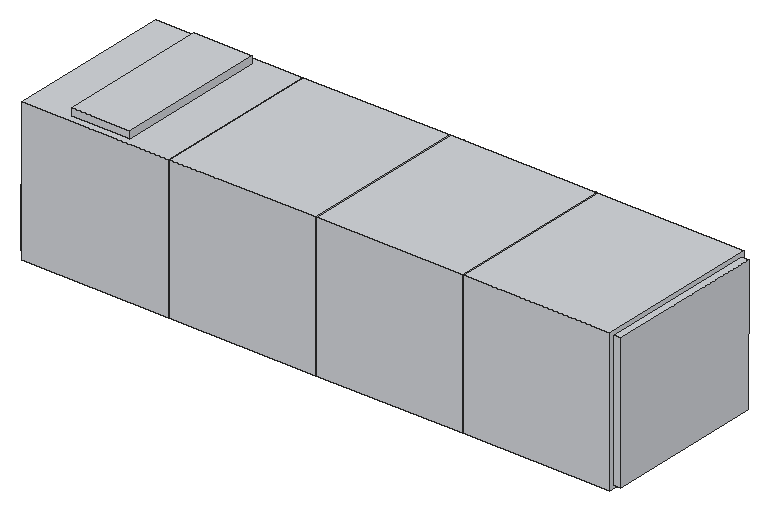
Revit family "fe506dafba944d9f823406a8efbbbddd", category Mechanical Equipment, Revit 2021
Family settings
  Round Connector Dimension = Use Radius
  Part Type = Normal
  OmniClass Number = 23.75.35.14.14
  OmniClass Title = Customized Rooftop Air Handling Units
  Seek Item ID = Outdoor AHU - Horizontal-0000-USA-ENU
  Work Plane-Based = No
  Always vertical = Yes
  Cut with Voids When Loaded = No
  Shared = No
  Room Calculation Point = No
Parameters (values of type "6 Square Feet of Coil")
  Voltage = 208 V
  Load Classification = Cooling
  Hot Water Pressure Drop [instance] = 1.805 psi
  External Total Pressure [instance] = 2.89 in-wg
  Supply Air Outlet Width = 44"
  Supply Air Outlet Height = 37"
  Supply Air Outlet Flow [instance] = 3000 CFM
  Supply Air Inlet Width = 42"
  Supply Air Inlet Height = 16"
  Supply Air Inlet Flow [instance] = 2000 CFM
  Return Air Inlet Width = 42"
  Return Air Inlet Height = 16"
  Return Air Inlet Flow [instance] = 1000 CFM
  Number of Poles = 3
  Hot Water Flow [instance] = 25 GPM
  Heating Coil Outlet Radius = 3/4"
  Heating Coil Inlet Radius = 3/4"
  Drain Radius = 5/8"
  Default Elevation = 0' - 0"
  Cooling Coil Outlet Radius = 3/4"
  Cooling Coil Inlet Radius = 3/4"
  Chilled Water Pressure Drop [instance] = 2.887 psi
  Chilled Water Flow [instance] = 43 GPM
  Apparent Load = 4701 VA
  Airway Length = 13' - 6"
  AHU Width = 3' - 10"
  AHU Material = none
  AHU Height = 3' - 3"
Types (14): name | Hot Water Pressure Drop | Supply Air Outlet Width | Supply Air Outlet Height | Supply Air Outlet Flow | Supply Air Inlet Width | Supply Air Inlet Height | Supply Air Inlet Flow | Return Air Inlet Width | Return Air Inlet Height | Return Air Inlet Flow | Hot Water Flow | Heating Coil Outlet Radius | Heating Coil Inlet Radius | Cooling Coil Outlet Radius | Cooling Coil Inlet Radius | Chilled Water Pressure Drop | Chilled Water Flow | Apparent Load | Airway Length | AHU Width | AHU Height
  (no name) | 1.805 psi | 44" | 37" | 3000 CFM | 42" | 16" | 2000 CFM | 42" | 16" | 1000 CFM | 25 GPM | 3/4" | 3/4" | 3/4" | 3/4" | 2.887 psi | 43 GPM | 4701 VA | 13' - 6" | 3' - 10" | 3' - 3"
  6 Square Feet of Coil | 1.805 psi | 44" | 37" | 3000 CFM | 42" | 16" | 2000 CFM | 42" | 16" | 1000 CFM | 25 GPM | 3/4" | 3/4" | 3/4" | 3/4" | 2.887 psi | 43 GPM | 4701 VA | 13' - 6" | 3' - 10" | 3' - 3"
  8 Square Feet of Coil | 2.526 psi | 54" | 40" | 4000 CFM | 50" | 16" | 3000 CFM | 50" | 16" | 1000 CFM | 33 GPM | 3/4" | 3/4" | 3/4" | 3/4" | 3.609 psi | 62 GPM | 6288 VA | 12' - 10" | 4' - 6" | 3' - 6"
  10 Square Feet of Coil | 3.609 psi | 65" | 40" | 5000 CFM | 63" | 16" | 4000 CFM | 63" | 16" | 1000 CFM | 40 GPM | 3/4" | 3/4" | 3/4" | 3/4" | 5.414 psi | 78 GPM | 9401 VA | 12' - 10" | 5' - 7" | 3' - 6"
  12 Square Feet of Coil | 3.97 psi | 65" | 47" | 6000 CFM | 63" | 16" | 4000 CFM | 63" | 16" | 2000 CFM | 44 GPM | 3/4" | 3/4" | 3/4" | 3/4" | 6.136 psi | 92 GPM | 9401 VA | 13' - 4" | 5' - 7" | 4' - 1"
  14 Square Feet of Coil | 5.053 psi | 70" | 47" | 7000 CFM | 68" | 19" | 5000 CFM | 68" | 19" | 2000 CFM | 56 GPM | 3/4" | 3/4" | 3/4" | 3/4" | 6.136 psi | 114 GPM | 12535 VA | 13' - 4" | 6' - 0" | 4' - 1"
  17 Square Feet of Coil | 3.609 psi | 77" | 50" | 8500 CFM | 75" | 19" | 6500 CFM | 75" | 19" | 2000 CFM | 65 GPM | 3/4" | 3/4" | 3/4" | 3/4" | 7.94 psi | 132 GPM | 12535 VA | 13' - 4" | 6' - 7" | 4' - 4"
  21 Square Feet of Coil | 5.414 psi | 77" | 60" | 10500 CFM | 75" | 22" | 7000 CFM | 75" | 22" | 3500 CFM | 81 GPM | 1 1/4" | 1 1/4" | 1 1/4" | 1 1/4" | 8.662 psi | 163 GPM | 15669 VA | 13' - 10" | 6' - 7" | 5' - 2"
  25 Square Feet of Coil | 6.857 psi | 84" | 60" | 12500 CFM | 82" | 22" | 8500 CFM | 82" | 22" | 4000 CFM | 90 GPM | 1 1/4" | 1 1/4" | 1 1/4" | 1 1/4" | 10.827 psi | 187 GPM | 18803 VA | 13' - 10" | 7' - 2" | 5' - 2"
  30 Square Feet of Coil | 8.301 psi | 102" | 60" | 15000 CFM | 100" | 22" | 10000 CFM | 100" | 22" | 5000 CFM | 98 GPM | 1 1/4" | 1 1/4" | 1 1/4" | 1 1/4" | 5.414 psi | 195 GPM | 25071 VA | 13' - 10" | 8' - 8" | 5' - 2"
  36 Square Feet of Coil | 9.745 psi | 107" | 71" | 18000 CFM | 105" | 31" | 12000 CFM | 105" | 31" | 6000 CFM | 108 GPM | 1 1/4" | 1 1/4" | 1 1/4" | 1 1/4" | 5.414 psi | 216 GPM | 31338 VA | 15' - 3" | 9' - 1" | 6' - 1"
  40 Square Feet of Coil | 10.106 psi | 107" | 77" | 20000 CFM | 105" | 34" | 14000 CFM | 105" | 34" | 6000 CFM | 119 GPM | 1 1/4" | 1 1/4" | 1 1/4" | 1 1/4" | 6.496 psi | 252 GPM | 31338 VA | 16' - 0" | 9' - 1" | 6' - 7"
  50 Square Feet of Coil | 10.466 psi | 115" | 87" | 25000 CFM | 113" | 37" | 16000 CFM | 113" | 37" | 9000 CFM | 143 GPM | 1 1/4" | 1 1/4" | 1 1/4" | 1 1/4" | 8.301 psi | 303 GPM | 37606 VA | 16' - 3" | 9' - 9" | 7' - 5"
  61 Square Feet of Coil | 10.827 psi | 115" | 102" | 30500 CFM | 113" | 46" | 20000 CFM | 113" | 46" | 10500 CFM | 179 GPM | 1 1/4" | 1 1/4" | 1 1/4" | 1 1/4" | 8.301 psi | 285 GPM | 47007 VA | 17' - 6" | 9' - 9" | 8' - 8"
Reference planes (in)
  plane 1 "Center (Front/Back)": y = 0
  plane 2: z = 0
  plane 3 "Center (Left/Right)": x = 0
  plane 4: y = 23
  plane 5: y = -23
  plane 6: x = 162
  plane 7: x = 40.5
  plane 8: x = 81
  plane 9: x = 121.5
  plane 10: z = 39
  plane 11: x = 20.25
  plane 12: x = 12.25
  plane 13: x = 28.25
  plane 14: y = 21
  plane 15: y = -21
  plane 16: z = 41
  plane 17: z = 1
  plane 18: z = 17
  plane 19: x = -2
  plane 20: z = 38
  plane 21: y = 22
  plane 22: y = -22
  plane 23: x = 164
  plane 24: z = 37
  plane 25: z = 10
  plane 26: x = 119.5
  plane 27: x = 83
  plane 28: x = 160
  plane 29: y = 25
  plane 30: z = 2
Forms (in)
  Extrusion 1, solid, material <- "AHU Material"
    sketch origin (0, 0, 0) x (1, 0, 0) y (0, 1, 0)
      loop
        line (0, 23) -> (0, -23) -> (40.5, -23) -> (40.5, 23) -> (0, 23)
    from 0 to 39
  Extrusion 2, solid, material <- "AHU Material"
    sketch origin (0, 0, 0) x (1, 0, 0) y (0, 1, 0)
      loop
        line (40.5, 23) -> (40.5, -23) -> (81, -23) -> (81, 23) -> (40.5, 23)
    from 0 to 39
  Extrusion 3, solid, material <- "AHU Material"
    sketch origin (0, 0, 0) x (1, 0, 0) y (0, 1, 0)
      loop
        line (81, 23) -> (81, -23) -> (121.5, -23) -> (121.5, 23) -> (81, 23)
    from 0 to 39
  Extrusion 4, solid, material <- "AHU Material"
    sketch origin (0, 0, 0) x (1, 0, 0) y (0, 1, 0)
      loop
        line (121.5, 23) -> (121.5, -23) -> (162, -23) -> (162, 23) -> (121.5, 23)
    from 0 to 39
  Extrusion 5, solid, material <- "AHU Material"
    sketch origin (0, 0, 0) x (1, 0, 0) y (0, 1, 0)
      loop
        line (12.25, 21) -> (12.25, -21) -> (28.25, -21) -> (28.25, 21) -> (12.25, 21)
    from 39 to 41
  Extrusion 6, solid, material <- "AHU Material"
    sketch origin (0, 0, 0) x (0, 1, 0) y (0, 0, 1)
      loop
        line (21, 17) -> (-21, 17) -> (-21, 1) -> (21, 1) -> (21, 17)
    from -2 to 0
  Extrusion 7, solid, material <- "AHU Material"
    sketch origin (0, 0, 0) x (0, 1, 0) y (0, 0, 1)
      loop
        line (22, 38) -> (-22, 38) -> (-22, 1) -> (22, 1) -> (22, 38)
    from 162 to 164
  Extrusion 8, solid, material <- "AHU Material"
    sketch origin (0, 0, 0) x (1, 0, 0) y (0, 0, 1)
      loop
        circle (160, 10) r 0.25
      loop
        circle (119.5, 10) r 0.75
      loop
        circle (83, 10) r 0.75
      loop
        circle (83, 37) r 0.75
      loop
        circle (119.5, 37) r 0.75
    from -23 to -25
  Extrusion 9, solid
    sketch origin (0, 0, 0) x (1, 0, 0) y (0, 0, 1)
      loop
        circle (119.5, 2) r 0.625
    from -25 to -23
Dimensions and locks (in)
  equal spacing: plane 4, plane 1 "Center (Front/Back)", plane 5
  "AHU Width": plane 4 to plane 5
  "Airway Length": plane 3 "Center (Left/Right)" to plane 6
  equal spacing: plane 3 "Center (Left/Right)", plane 7, plane 8, plane 9, plane 6
  "AHU Height": plane 10 to plane 2
  equal spacing: plane 3 "Center (Left/Right)", plane 11, plane 7
  "Supply Air Inlet Height": plane 12 to plane 13
  equal spacing: plane 12, plane 11, plane 13
  equal spacing: plane 14, plane 1 "Center (Front/Back)", plane 15
  "Return Air Inlet Width": plane 14 to plane 15
  locked: plane 16 to plane 10 at 2
  locked: plane 17 to plane 2 at 1
  "Supply Air Inlet Height": plane 18 to plane 17
  locked: plane 19 to plane 3 "Center (Left/Right)" at 2
  "Supply Air Outlet Height": plane 20 to plane 17
  equal spacing: plane 21, plane 1 "Center (Front/Back)", plane 22
  "Supply Air Outlet Width": plane 21 to plane 22
  locked: plane 6 to plane 23 at 2
  locked: plane 24 to plane 10 at 2
  locked: plane 2 to plane 25 at 10
  locked: plane 8 to plane 27 at 2
  locked: plane 26 to plane 9 at 2
  locked: plane 28 to plane 6 at 2
  locked: plane 29 to plane 4 at 2
  locked: plane 2 to plane 30 at 2
  radius of Extrusion 8 sketch curve = 0' - 0 1/4"
  "Cooling Coil Inlet Radius": radius of Extrusion 8 sketch curve
  "Cooling Coil Outlet Radius": radius of Extrusion 8 sketch curve
  "Heating Coil Outlet Radius": radius of Extrusion 8 sketch curve
  "Heating Coil Inlet Radius": radius of Extrusion 8 sketch curve
  "Drain Radius": radius of Extrusion 9 sketch curve
  aligned and locked: plane 3 "Center (Left/Right)" to Extrusion 1 sketch curve
  aligned and locked: Extrusion 1 sketch curve to plane 4
  aligned and locked: plane 5 to Extrusion 1 sketch curve
  aligned and locked: Extrusion 1 sketch curve to plane 7
  aligned and locked: plane 4 to Extrusion 2
  aligned and locked: plane 8 to Extrusion 2
  aligned and locked: Extrusion 2 to plane 5
  aligned and locked: Extrusion 2 to plane 7
  aligned and locked: Extrusion 3 sketch curve to plane 4
  aligned and locked: plane 8 to Extrusion 3 sketch curve
  aligned and locked: plane 5 to Extrusion 3 sketch curve
  aligned and locked: Extrusion 3 sketch curve to plane 9
  aligned and locked: Extrusion 4 sketch curve to plane 4
  aligned and locked: plane 9 to Extrusion 4 sketch curve
  aligned and locked: plane 5 to Extrusion 4 sketch curve
  aligned and locked: Extrusion 4 sketch curve to plane 6
  aligned and locked: Extrusion 4 to plane 2
  aligned and locked: Extrusion 3 to plane 2
  aligned and locked: Extrusion 2 to plane 2
  aligned and locked: Extrusion 1 to plane 2
  aligned and locked: plane 10 to Extrusion 4
  aligned and locked: plane 10 to Extrusion 3
  aligned and locked: plane 10 to Extrusion 2
  aligned and locked: plane 10 to Extrusion 1
  aligned and locked: plane 12 to Extrusion 5 sketch curve
  aligned and locked: Extrusion 5 sketch curve to plane 14
  aligned and locked: plane 15 to Extrusion 5 sketch curve
  aligned and locked: Extrusion 5 sketch curve to plane 13
  aligned and locked: plane 16 to Extrusion 5
  aligned and locked: Extrusion 5 to plane 10
  aligned and locked: plane 14 to Extrusion 6 sketch curve
  aligned and locked: plane 18 to Extrusion 6 sketch curve
  aligned and locked: plane 17 to Extrusion 6 sketch curve
  aligned and locked: Extrusion 6 sketch curve to plane 15
  aligned and locked: plane 3 "Center (Left/Right)" to Extrusion 6
  aligned and locked: Extrusion 6 to plane 19
  aligned and locked: plane 21 to Extrusion 7 sketch curve
  aligned and locked: Extrusion 7 sketch curve to plane 22
  aligned and locked: Extrusion 7 sketch curve to plane 20
  aligned and locked: plane 17 to Extrusion 7 sketch curve
  aligned and locked: Extrusion 7 to plane 6
  aligned and locked: plane 23 to Extrusion 7
  aligned and locked: plane 24 to Extrusion 8 sketch curve  (x2)
  aligned and locked: plane 26 to Extrusion 8 sketch curve  (x2)
  aligned and locked: plane 25 to Extrusion 8 sketch curve  (x3)
  aligned and locked: plane 27 to Extrusion 8 sketch curve  (x2)
  aligned and locked: plane 28 to Extrusion 8 sketch curve
  aligned and locked: plane 4 to Extrusion 8
  aligned and locked: plane 29 to Extrusion 8
  aligned and locked: plane 30 to Extrusion 9 sketch curve
  aligned and locked: plane 26 to Extrusion 9 sketch curve
  aligned and locked: Extrusion 8 to Extrusion 9
  aligned and locked: Extrusion 9 to plane 4
Automatic sketch dimensions
  plane 7 to Extrusion 2 sketch curve = 0' - 0"
  Extrusion 2 sketch curve to plane 8 = 0' - 0"
  plane 5 to Extrusion 2 sketch curve = 0' - 0"
  Extrusion 2 sketch curve to plane 4 = 0' - 0"
Connectors (in)
  hvac at (-2, 0, 9), driven by "Supply Air Inlet Flow", driven by "Supply Air Inlet Height", driven by "Supply Air Inlet Width"
    settings: on Extrusion 6, index 1, duct flow 2000 CFM, flow factor 0, pres drop 0.00 in-wg, loss coef 0, conn angle 0.00°, conn width 42", conn height 16", conn diameter 24", duct sys type 1, conn prof type 1, flow config 1, flow direction 1, loss method 0, conn ref index -1, conn util no, is conn primary yes, conn desc ""
  hvac at (20.25, 0, 41), driven by "Return Air Inlet Flow", driven by "Return Air Inlet Width", driven by "Return Air Inlet Height"
    settings: on Extrusion 5, index 2, duct flow 1000 CFM, flow factor 0, pres drop 0.00 in-wg, loss coef 0, conn angle 0.00°, conn width 16", conn height 42", conn diameter 24", duct sys type 2, conn prof type 1, flow config 0, flow direction 1, loss method 0, conn ref index -1, conn util no, is conn primary no, conn desc ""
  hvac at (164, 0, 19.5), driven by "Supply Air Outlet Flow", driven by "Supply Air Outlet Height", driven by "Supply Air Outlet Width"
    settings: on Extrusion 7, index 3, duct flow 3000 CFM, flow factor 0, pres drop 0.00 in-wg, loss coef 0, conn angle 0.00°, conn width 44", conn height 37", conn diameter 24", duct sys type 1, conn prof type 1, flow config 0, flow direction 2, loss method 0, conn ref index -1, conn util no, is conn primary no, conn desc ""
  piping at (119.5, 25, 37), diameter 1.5, driven by "Chilled Water Flow", driven by "Cooling Coil Outlet Radius", driven by "Chilled Water Pressure Drop"
    settings: on Extrusion 8, index 4, connector inside diameter 1 1/2", connector length 0' - 0", flow factor 0, pipe flow 43 GPM, pressure drop 2.887 psi, fitting loss kfactor 0, connector angle 0.00°, fixture units 0, engagement length 0' - 0", angle of deflection 0.00°, flow configuration 1, flow direction 2, fitting loss method 4, system type 8, joint type 0, gender type 0, connector reference index 6, connector utility 0, adjustable connector no, is connector primary yes, connector description "Chilled Water/ Refrigeration Outlet"
  piping at (83, 25, 37), diameter 1.5, driven by "Hot Water Flow", driven by "Heating Coil Outlet Radius", driven by "Hot Water Pressure Drop"
    settings: on Extrusion 8, index 5, connector inside diameter 1 1/2", connector length 0' - 0", flow factor 0, pipe flow 25 GPM, pressure drop 1.805 psi, fitting loss kfactor 0, connector angle 0.00°, fixture units 0, engagement length 0' - 0", angle of deflection 0.00°, flow configuration 1, flow direction 2, fitting loss method 4, system type 8, joint type 0, gender type 0, connector reference index 7, connector utility 0, adjustable connector no, is connector primary no, connector description "Hot Water/Steam Outlet"
  piping at (119.5, 25, 10), diameter 1.5, driven by "Chilled Water Flow", driven by "Cooling Coil Inlet Radius"
    settings: on Extrusion 8, index 6, connector inside diameter 1 1/2", connector length 0' - 0", flow factor 0, pipe flow 43 GPM, pressure drop 0.00 psi, fitting loss kfactor 0, connector angle 0.00°, fixture units 0, engagement length 0' - 0", angle of deflection 0.00°, flow configuration 1, flow direction 1, fitting loss method 0, system type 7, joint type 0, gender type 0, connector reference index 4, connector utility 0, adjustable connector no, is connector primary no, connector description "Chilled Water/ Refrigeration Inlet"
  piping at (83, 25, 10), diameter 1.5, driven by "Hot Water Flow", driven by "Heating Coil Inlet Radius"
    settings: on Extrusion 8, index 7, connector inside diameter 1 1/2", connector length 0' - 0", flow factor 0, pipe flow 25 GPM, pressure drop 0.00 psi, fitting loss kfactor 0, connector angle 0.00°, fixture units 0, engagement length 0' - 0", angle of deflection 0.00°, flow configuration 1, flow direction 1, fitting loss method 0, system type 7, joint type 0, gender type 0, connector reference index 5, connector utility 0, adjustable connector no, is connector primary no, connector description "Hot Water/Steam Inlet"
  electrical at (160, 25, 10), driven by "Apparent Load", driven by "Voltage", driven by "Number of Poles", driven by "Load Classification"
    settings: on Extrusion 8, index 8, voltage 208 V, apparent load 4701 VA, apparent load phase1 0 VA, apparent load phase2 0 VA, apparent load phase3 0 VA, power factor 0.8, load classification "Cooling", number of poles 3, system type 30, power factor state 1, is connector primary yes, connector utility no, sub classification motor no, connector description ""
  piping at (119.5, 25, 2), diameter 1.25, driven by "Drain Radius"
    settings: on Extrusion 9, index 9, connector inside diameter 1 1/4", connector length 0' - 0", flow factor 0, pipe flow 0 GPM, pressure drop 0.00 psi, fitting loss kfactor 0, connector angle 0.00°, fixture units 0, engagement length 0' - 0", angle of deflection 0.00°, flow configuration 1, flow direction 2, fitting loss method 0, system type 16, joint type 0, gender type 0, connector reference index -1, connector utility 0, adjustable connector yes, is connector primary no, connector description ""
